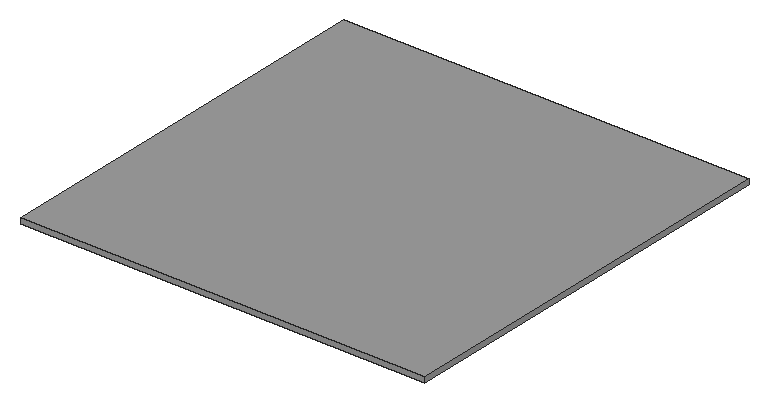
Revit family "BK-BK Inverted Roof 50mm Family", category Generic Models, host Floor, Revit 2017
Family settings
  Host = Floor
  Can host rebar = No
  Round Connector Dimension = Use Diameter
  Part Type = Normal
  Always vertical = Yes
  Cut with Voids When Loaded = No
  Shared = No
  Room Calculation Point = No
Parameters (values of type "Lambdaboard")
  Width = 4000 mm
  URL = "www.rigifoam.com"
  Type Comments = "duncan@rigifoam.com"
  Thermal Resistance = 2.0800 (m²·K)/W
  Thermal Conductivity = 0.0240 W/(m·K)
  Model = "BK/Bk Inverted Roof 50mm"
  Material = Polyisocyanurate
  Manufacturer = "Lambdaboard"
  Length = 4000 mm
  Slab Thickness = 300 mm
  Description = "Flexible PIR Insulation"
  Depth = 50 mm
  Density = 40.0000 kg/m³
Reference planes
  plane 1 "Center (Front/Back)": y = 0
  plane 2: z = 0
  plane 3 "Center (Left/Right)": x = 0
Forms (mm)
  Extrusion 1, solid, material "Polyisocyanurate" <- "Material"
    sketch origin (0, 0, 0) x (1, 0, 0) y (0, 1, 0)
      loop
        line (-2000, 2000) -> (-2000, -2000) -> (2000, -2000) -> (2000, 2000) -> (-2000, 2000)
    from -300 to -350
Dimensions and locks
  "Depth": Extrusion 1 to Extrusion 1
  "Length": Extrusion 1 to Extrusion 1
  "Width": Extrusion 1 to Extrusion 1
  "Slab Thickness": plane 2 to Extrusion 1
  aligned and locked: level to plane 2
Automatic sketch dimensions
  Extrusion 1 sketch curve to plane 3 "Center (Left/Right)" = 2000 mm
  plane 3 "Center (Left/Right)" to Extrusion 1 sketch curve = 2000 mm
  plane 1 "Center (Front/Back)" to Extrusion 1 sketch curve = 2000 mm
  Extrusion 1 sketch curve to plane 1 "Center (Front/Back)" = 2000 mm
